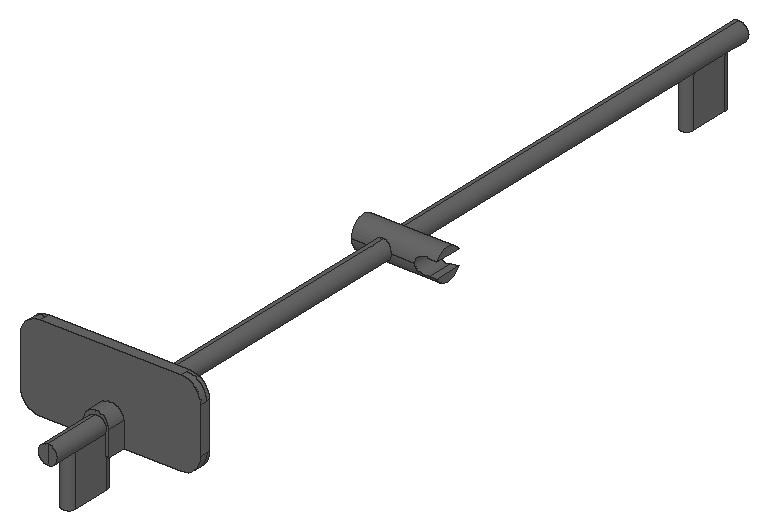
Revit family "Grohe_ShowerRail_Rainshower_22125KF0", category Plumbing Fixtures, host Face, Revit 2019
Family settings
  Host = Face
  Round Connector Dimension = Use Diameter
  Part Type = Normal
  OmniClass Number = 23.45.05.00
  OmniClass Title = Sanitary Equipment
  Cut with Voids When Loaded = No
  Shared = No
  Room Calculation Point = No
Parameters (values of type "RAINSHOWER Shower Rail (22125KF0)")
  _ObjectUserGuide = "https://www.bimstore.co/products/grohe-22125KF0/document/object-user-guide"
  _DistributedBy = "https://www.bimstore.co/"
  _CurrentRevision = 1
  _CreatedBy = "https://www.bimstore.co/"
  _BimSpecGuid = 0
  _BSBibleVersion = 17
  _AuthorizedBy = "bimstore"
  _Author = "AM 147"
  Waste Connection = no
  WarrantyStartDate [instance] = "Please Record On Commissioning."
  WarrantyGuarantorParts = "info-uk@grohe.com"
  WarrantyGuarantorLabor = "info-uk@grohe.com"
  WarrantyDurationUnit = "Years"
  WarrantyDurationParts = "0"
  WarrantyDurationLabor = "0"
  WarrantyDescription = "n/a"
  Vent Connection = no
  URL = "https://www.grohe.co.uk/"
  TypeName = "RAINSHOWER Shower Rail (22125KF0)"
  Type Comments = "RAINSHOWER Shower Rail (22125KF0)"
  TPIDocumentLink = "https://cdn.cloud.grohe.com/tpi/100000/100000/100000/100000/100050/100055/100055013/original/100055013.pdf"
  SustainabilityReport = "green.grohe.com/reporting"
  SustainabilityAward = "green.grohe.com/awards"
  SpareParts = "info-uk@grohe.com"
  Size = "n/a"
  Shape = "n/a"
  SerialNumber [instance] = "Please Record On Commissioning."
  ReplacementCost = "n/a"
  ReferencedStandard = "n/a"
  ProductionYear = "2023"
  ProductType = "Shower Rail and Union"
  ProductShortText = "Shower rail, 900 mm"
  ProductPageURL = "https://www.grohe.co.uk/en_gb/-22125KF0.html"
  ProductNumber = "22125KF0"
  ProductDescription = "with wall holders made of metal\r\r\nglide element and swivel holder\r\r\nGROHE FastFixation Plus (adjustable distance between wall shower holders for adaption to existing drillings)\r\r\nGROHE TileFix adjustable depth on upper and lower bracket\r\r\nGROHE EasyReach tray\r\r\nGROHE Long-Life Shine finish"
  PrimaryMaterial = Grohe_MattBlack
  PQDiagramLink = "n/a"
  NominalLength = 0.0 mm
  NominalHeight = 0.0 mm
  NominalDepth = 0.0 mm
  NBSReference = "45-35-70/330"
  NBSOfficeMasterTag = "n/a"
  NBSObjectName = "Grohe - Shower fittings package"
  NBSNote = "n/a"
  NBSDescription = "Shower fittings package"
  ModelReference = "RAINSHOWER Shower Rail (22125KF0)"
  ModelNumber = "22125KF0"
  Model = "RAINSHOWER Shower Rail (22125KF0)"
  Material = "n/a"
  ManufacturerName = "Grohe"
  Manufacturer = "Grohe"
  Keynote = "N13"
  InstallationDate [instance] = "Please Record On Commissioning."
  IfcExportType = "IfcPipeFittingType"
  IfcExportAs = "IfcPipeFitting"
  HW Connection = no
  Grade = "n/a"
  GROHESustainability = "green.grohe.com"
  GROHESocialCommittment = "green.grohe.com/social_engagement"
  FullRecyclabilityOfPlastic = "All plastic components are fully recyclable"
  Finish = "n/a"
  Features = "n/a"
  ExpectedLife = 0
  Ecojoy = no
  EF025221 = "TRUE"
  EF024555 = "TRUE"
  EF024554 = "TRUE"
  EF024553 = "not relevant"
  EF024552 = "Other"
  EF023440 = "FALSE"
  EF022280 = "TRUE"
  EF001438 = 900.0 mm
  DurationUnit = "Years"
  DocumentationTechnical = "https://www.bimstore.co/products/grohe-22125KF0/document/technical-data-sheet"
  DocumentationMaintenance = "https://www.bimstore.co/products/grohe-22125KF0/document/maintenance-information"
  DocumentationLiterature = "https://www.bimstore.co/products/grohe-22125KF0/document/product-literature"
  DocumentationInstallationGuide = "https://www.bimstore.co/products/grohe-22125KF0/document/installation-guide"
  DocumentationCertificates = "https://www.bimstore.co/products/grohe-22125KF0/document/product-certificates"
  DimensionsDocumentLink = "https://cdn.cloud.grohe.com/dimdraw/100000/100000/100000/100000/100090/100096/100096395/1280/100096395.jpg"
  Description = "RAINSHOWER Shower Rail (22125KF0)"
  Default Elevation = 0.0 mm
  CreatedOn = "2023-03-01T09:00:00"
  CreatedBy = "info-uk@grohe.com"
  CradleToCradleCertification = "n/a"
  Cost = 0
  Constituents = "n/a"
  Color = "Matt Black"
  CodePerformance = "n/a"
  ClassificationValue = "Pr_40_20_87_75"
  ClassificationName = "Uniclass2015"
  CW Connection = no
  CO2NeutralProduction = "GROHE is one of the first leading manufacturer within the sanitary industry having a CO2-neutral production."
  BarCode [instance] = "Please Record On Commissioning."
  BIMObjectName = "Grohe_ShowerRail_Rainshower_22125KF0"
  AssetType = "Fixed"
  AssetIdentifier [instance] = "n/a"
  Assembly Code = "D2010"
  AccessibilityPerformance = "n/a"
Reference planes
  plane 1 "Center (Front/Back)": y = 0
  plane 2: z = 0
  plane 3 "Center (Left/Right)": x = 0
  plane 4: z = 67.2
Forms (mm)
  Extrusion 1, solid, material "Grohe_MattBlack" <- "PrimaryMaterial", detail levels medium+fine
    sketch origin (0, -82.454, 64.4) x (0, 1, 0) y (-1, 0, 0)
      loop
        arc (59.954, 8) -> (51.954, 0) -> (59.954, -8) r 8
        line (59.954, -8) -> (104.954, -8)
        arc (104.954, -8) -> (112.954, 0) -> (104.954, 8) r 8
        line (104.954, 8) -> (59.954, 8)
      loop
        arc (959.954, 8) -> (951.954, 0) -> (959.954, -8) r 8
        line (959.954, -8) -> (1004.954, -8)
        arc (1004.954, -8) -> (1012.954, 0) -> (1004.954, 8) r 8
        line (1004.954, 8) -> (959.954, 8)
    from -64.4 to 2.8
  Revolve 2, solid, material "Grohe_MattBlack" <- "PrimaryMaterial", detail levels medium+fine
    sketch origin (0, 0, 0) x (0, 1, 0) y (0, 0, 1)
      loop
        line (952.702, 67.2) -> (-52.702, 67.2) -> (-52.702, 56.2) -> (952.702, 56.2) -> (952.702, 67.2)
      axis (952.702, 67.2) -> (-52.702, 67.2)
    angle from 0 to 360
  Extrusion 3, solid, material "Grohe_MattBlack" <- "PrimaryMaterial", detail levels medium+fine
    sketch origin (178.6, 6.222, 1219.2) x (1, 0, 0) y (0, 0, 1)
      loop
        arc (-260.6, -1080.5) -> (-276.864, -1087.237) -> (-283.6, -1103.5) r 23
        line (-283.6, -1103.5) -> (-283.6, -1157.5)
        arc (-283.6, -1157.5) -> (-276.864, -1173.763) -> (-260.6, -1180.5) r 23
        line (-260.6, -1180.5) -> (-96.6, -1180.5)
        arc (-96.6, -1180.5) -> (-80.337, -1173.763) -> (-73.6, -1157.5) r 23
        line (-73.6, -1157.5) -> (-73.6, -1103.5)
        arc (-73.6, -1103.5) -> (-80.337, -1087.237) -> (-96.6, -1080.5) r 23
        line (-96.6, -1080.5) -> (-260.6, -1080.5)
      loop
        circle (-178.6, -1152) r 11
    from -40.661 to -32.073
  Extrusion 4, solid, material "Grohe_MattBlack" <- "PrimaryMaterial", detail levels medium+fine
    sketch origin (178.6, 6.222, 1219.2) x (1, 0, 0) y (0, 0, 1)
      loop
        arc (-260.6, -1080.5) -> (-276.864, -1087.237) -> (-283.6, -1103.5) r 23
        line (-283.6, -1103.5) -> (-283.6, -1157.5)
        arc (-283.6, -1157.5) -> (-276.864, -1173.763) -> (-260.6, -1180.5) r 23
        line (-260.6, -1180.5) -> (-96.6, -1180.5)
        arc (-96.6, -1180.5) -> (-80.337, -1173.763) -> (-73.6, -1157.5) r 23
        line (-73.6, -1157.5) -> (-73.6, -1103.5)
        arc (-73.6, -1103.5) -> (-80.337, -1087.237) -> (-96.6, -1080.5) r 23
        line (-96.6, -1080.5) -> (-260.6, -1080.5)
      loop
        line (-96.6, -1083.5) -> (-260.6, -1083.5)
        arc (-260.6, -1083.5) -> (-274.742, -1089.358) -> (-280.6, -1103.5) r 20
        line (-280.6, -1103.5) -> (-280.6, -1157.5)
        arc (-280.6, -1157.5) -> (-274.742, -1171.642) -> (-260.6, -1177.5) r 20
        line (-260.6, -1177.5) -> (-96.6, -1177.5)
        arc (-96.6, -1177.5) -> (-82.458, -1171.642) -> (-76.6, -1157.5) r 20
        line (-76.6, -1157.5) -> (-76.6, -1103.5)
        arc (-76.6, -1103.5) -> (-82.458, -1089.358) -> (-96.6, -1083.5) r 20
    from -40.661 to -44.323
  Extrusion 5, solid, material "Grohe_MattBlack" <- "PrimaryMaterial", detail levels medium+fine
    sketch origin (0, 0, 0) x (0, 1, 0) y (0, 0, 1)
      loop
        circle (450, 67.2) r 18
    from -34.473 to 63.204
  Extrusion 6, void
    sketch origin (0, 0, 0) x (1, 0, 0) y (0, 0, 1)
      loop
        line (65.292, 76.2) -> (54.711, 76.2)
        arc (54.711, 76.2) -> (39.252, 67.2) -> (54.711, 58.2) r 10.349
        line (54.711, 58.2) -> (65.292, 58.2) -> (65.292, 76.2)
    from -469.503 to -430.986
  Extrusion 7, solid, material "Grohe_MattBlack" <- "PrimaryMaterial", detail levels coarse
    sketch origin (0, 0, 0) x (1, 0, 0) y (0, 0, 1)
      loop
        line (105, 138.7) -> (-105, 138.7) -> (-105, 38.7) -> (105, 38.7) -> (105, 138.7)
    from -50.546 to -38.295
  Extrusion 8, solid, material "Grohe_MattBlack" <- "PrimaryMaterial", detail levels medium+fine
    sketch origin (0, 0, 0) x (1, 0, 0) y (0, 0, 1)
      loop
        arc (-11, 67.2) -> (0, 78.2) -> (11, 67.2) r 11
        line (11, 67.2) -> (11, 38.7) -> (15.149, 38.7) -> (15.149, 67.2)
        arc (15.149, 67.2) -> (0, 82.349) -> (-15.149, 67.2) r 15.149
        line (-15.149, 67.2) -> (-15.149, 38.7) -> (-11, 38.7) -> (-11, 67.2)
    from -38.295 to -17.5
  Extrusion 9, solid, material "Grohe_MattBlack" <- "PrimaryMaterial", detail levels coarse
    sketch origin (0, -82.454, 64.4) x (0, 1, 0) y (-1, 0, 0)
      loop
        line (112.954, 8) -> (51.954, 8) -> (51.954, -8) -> (112.954, -8) -> (112.954, 8)
      loop
        line (1012.954, 8) -> (951.954, 8) -> (951.954, -8) -> (1012.954, -8) -> (1012.954, 8)
    from -64.4 to 2.8
  Extrusion 10, solid, material "Grohe_MattBlack" <- "PrimaryMaterial", detail levels coarse
    sketch origin (178.6, 6.222, 1219.2) x (1, 0, 0) y (0, 0, 1)
      loop
        circle (-178.6, -1152) r 11
    from -946.479 to 58.924
  Extrusion 11, solid, material "Grohe_MattBlack" <- "PrimaryMaterial", detail levels coarse
    sketch origin (0, 0, 0) x (0, 1, 0) y (0, 0, 1)
      loop
        circle (450, 67.2) r 18
    from -34.456 to 63.608
Cuts and joins
  joined: Extrusion 3, Extrusion 4
  Extrusion 6 cuts Extrusion 5
  joined: Extrusion 1, Revolve 2, Extrusion 5
  joined: Extrusion 7, Extrusion 9, Extrusion 10, Extrusion 11
Dimensions and locks
  aligned and locked: plane 2 to host face
  aligned and locked: level to host face
  aligned and locked: Extrusion 1 to level
